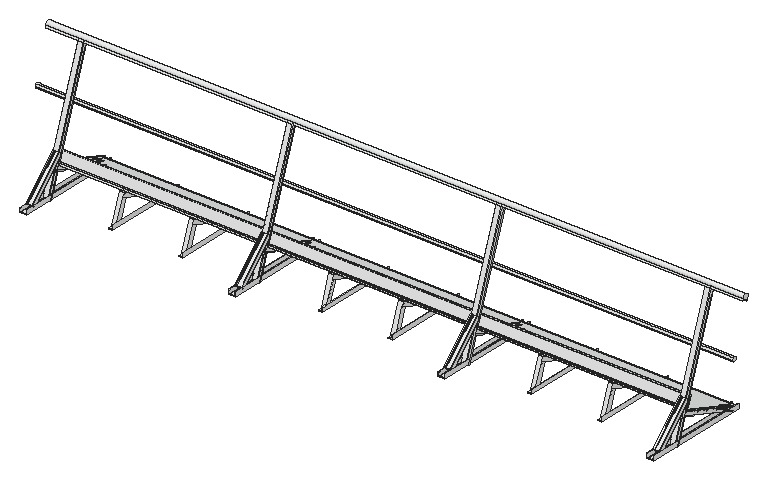
Revit family "Walkway_Kattsafe_Guardrail1Side_Levelled", category Specialty Equipment, Revit 2025 (continued)
Definition of nested family "z_Walkway_Kattsafe_Aluminium"
  Lines and regions (mm)
    reference lines
      curve 2: line (5974.215, -300, 0) -> (5974.215, 300, 0)
      curve 3: line (-24.785, 300, 0) -> (-24.785, -300, 0)
      curve 4: line (5973.215, -300, 0) -> (5973.215, 300, 0)
  Dimensions and locks
    "ManufacturerOverallWidth": plane 8 "Back" to plane 3 "Front"
    "ManufacturerOverallHeight": plane 6 "Top" to plane 1 "Bottom"
    equal spacing: plane 4 "Left", plane 5 "Center (Left/Right)", plane 7 "Right"
    "ManufacturerOverallLength": plane 4 "Left" to plane 7 "Right"
    equal spacing: plane 8 "Back", plane 2 "Center (Front/Back)", plane 3 "Front"
    locked: plane 9 "InsetBack" to plane 8 "Back" at 1
    locked: plane 10 "InsetFront" to plane 3 "Front" at 1
    locked: curve 3 to curve 1 at 1
    locked: curve 2 to curve 4 at 1
    "End1_Angle_Calc": angle curve 1 to plane 3 "Front"
    "End2_Angle_Calc": angle plane 3 "Front" to curve 2
    "End1_Angle_Calc": angle curve 3 to plane 3 "Front"
    "End2_Angle_Calc": angle plane 3 "Front" to curve 4
    aligned and locked: plane 1 "Bottom" to level
    aligned and locked: Extrusion 1 to plane 3 "Front"
    aligned and locked: Extrusion 1 to plane 8 "Back"
    aligned and locked: Extrusion 1 to plane 1 "Bottom"
    aligned and locked: Extrusion 1 to plane 6 "Top"
    aligned and locked: plane 4 "Left" to curve 1
    aligned and locked: plane 3 "Front" to curve 1
    aligned and locked: plane 8 "Back" to curve 1
    aligned and locked: plane 7 "Right" to curve 2
    aligned and locked: plane 3 "Front" to curve 2
    aligned and locked: plane 8 "Back" to curve 2
    aligned and locked: plane 9 "InsetBack" to Extrusion 1 sketch curve
    aligned and locked: plane 10 "InsetFront" to Extrusion 1 sketch curve
    aligned and locked: plane 9 "InsetBack" to Extrusion 2 sketch curve
    aligned and locked: plane 10 "InsetFront" to Extrusion 2 sketch curve
    aligned and locked: Extrusion 2 to plane 6 "Top"
    aligned and locked: Extrusion 2 to plane 1 "Bottom"
    aligned and locked: plane 3 "Front" to curve 3
    aligned and locked: plane 8 "Back" to curve 3
    aligned and locked: plane 3 "Front" to curve 4
    aligned and locked: plane 8 "Back" to curve 4
    aligned and locked: Extrusion 2 sketch curve to curve 4
    aligned and locked: Extrusion 2 sketch curve to curve 3
    aligned and locked: Extrusion 1 sketch curve to curve 3
    aligned and locked: Extrusion 1 sketch curve to curve 1
    aligned and locked: Extrusion 1 sketch curve to curve 4
    aligned and locked: Extrusion 1 sketch curve to curve 2
  Automatic sketch dimensions
    plane 8 "Back" to Extrusion 1 sketch curve = 0 mm
    Extrusion 1 sketch curve to plane 3 "Front" = 0 mm
